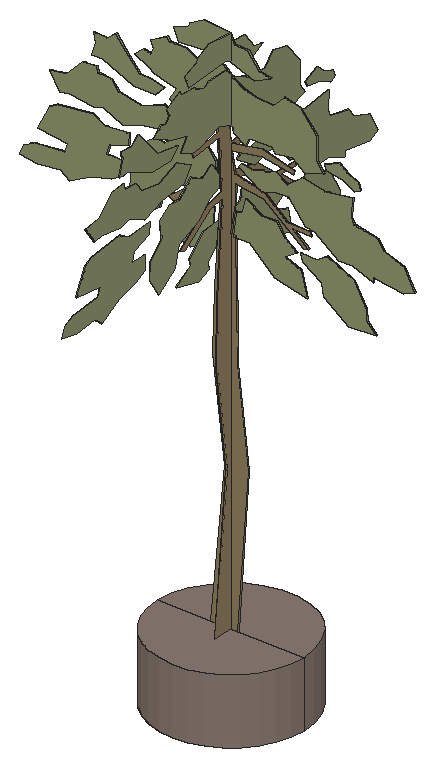
Revit family "L-PL상록교목_소나무", category 수목, Revit 2019
Family settings
  OmniClass 번호 = 23.40.05.00
  OmniClass 제목 = Plants and Planting Products
  작업 기준면 기반 = 아니오
  항상 수직 = 예
  로드될 때 보이드를 사용하여 절단 = 아니오
  렌더 모양 소스 = 패밀리 형상
  공유 = 아니오
Parameters (values of type "소나무")
  한국산업규격KS = ""
  콘 높이 = 뿌리분 직경 / 4  # 272.5 mm
  조달청표준공사코드-세부공종 = "10161599202809"
  뿌리분 직경 = (24 mm + ((R / 10) - 3 mm) * 5) * 10  # 1090 mm
  뿌리분 높이 = 뿌리분 직경 / 2  # 545 mm
  높이 = 5000 mm
  건설정보분류체계-부위분류 = "E985"
  R = 200 mm
  LIM_INFO_주의사항 = "재배포, 재가공, 판매 금지"
  LIM_INFO_제작일 = "20211210"
  LIM_INFO_버전 = "2022_V01"
  LIM_INFO_PL_학명 = "Quercus myrsinaefolia Bl."
  LIM_INFO_PL_품명 = "가시나무"
  LIM_INFO_PL_주당인정수량 = 0
  LIM_INFO_PL_수목단위 = "주"
  LIM_INFO_PL_규격 = "5.0H X 18R"
  LIM_INFO_PL_구분 = "상록교목"
  LIM_INFO_PL_가격 = 0
  LIM_INFO_PL_Qty [instance] = 0
  LIM_INFO_PL_M2당수량 = 0
  KBIMS_식별-버전 = ""
  KBIMS_식별-bSK등록번호 = ""
  KBIMS_보급정보-저작자 = "림인포테크_MMJ"
  KBIMS_보급정보-보급코드 = ""
  H = 높이  # 5000 mm
Reference planes
  plane 1 "중심(앞/뒤)": y = 0
  plane 2: z = 0
  plane 3 "중심(왼쪽/오른쪽)": x = 0
  plane 4: x = 482.5
  plane 5: x = -607.5
  plane 6: z = -545
  plane 7: z = -817.5
  plane 8: z = 5000
  plane 9: x = -100
  plane 10: x = 100
Forms (mm)
  Revolve 1, solid, material "흙"
    sketch origin (0, 0, 0) x (1, 0, 0) y (0, 0, 1)
      loop
        line (0, 0) -> (-607.5, 0) -> (-607.5, -545) -> (0, -545) -> (0, 0)
      axis (0, 0) -> (0, -545)
    angle from 0 to 360
  Revolve 2, solid, material "흙"
    sketch origin (0, 0, 0) x (1, 0, 0) y (0, 0, 1)
      loop
        line (0, -545) -> (-607.5, -545) -> (0, -817.5) -> (0, -545)
      axis (0, -545) -> (0, -817.5)
    angle from 0 to 360
Dimensions and locks
  "뿌리분 직경": plane 4 to plane 5
  "뿌리분 높이": plane 6 to level
  "콘 높이": plane 7 to plane 6
  "H": level to plane 8
  "R": plane 9 to plane 10
  aligned and locked: level to plane 2
Automatic sketch dimensions
  Revolve 1 sketch curve to level = 0 mm  (x2)
  Revolve 1 sketch curve to plane 5 = 0 mm
  Revolve 1 sketch curve to plane 3 "중심(왼쪽/오른쪽)" = 0 mm  (x2)
  Revolve 1 sketch curve to plane 6 = 0 mm  (x2)
  Revolve 2 sketch curve to plane 5 = 0 mm
  Revolve 2 sketch curve to plane 3 "중심(왼쪽/오른쪽)" = 0 mm  (x2)
  Revolve 2 sketch curve to plane 7 = 0 mm  (x2)
  Revolve 2 sketch curve to plane 6 = 0 mm  (x2)
Nested families
  nested 1: "소나무형_base" at (0, 0, 0), type "소나무형_base"
Definition of nested family "소나무형_base"
  Parameters (values of type "소나무형_base")
    Height = 6000 mm
  Reference planes
    plane 1 "중심(앞/뒤)": y = 0
    plane 2: z = 0
    plane 3 "중심(왼쪽/오른쪽)": x = 0
  Forms (mm)
    Revolve 1, solid, detail levels coarse
      sketch origin (0, 0, 0) x (1, 0, 0) y (0, 0, 1)
        loop
          line (0, 4515) -> (-301.139, 4357.154) -> (-565.424, 4135.393) -> (-926.6, 3967.681) -> (-1235.038, 3600.99) -> (-1317.291, 3271.089) -> (-1535.25, 2959.812) -> (-1395.975, 2694.101) -> (-75, 2694.101) -> (-75, 2255.09) -> (-75, 0) -> (0, 0) -> (0, 4515)
        axis (0, 4515) -> (0, 0)
      angle from 0 to 360
    Extrusion 2, solid, detail levels fine
      sketch origin (4447.34, 0, 32.292) x (1, 0, 0) y (0, 0, 1)
        loop
          line (-4964.722, 3003.145) -> (-4918.815, 2983.748) -> (-4663.893, 3176.581) -> (-4530.454, 3213.636) -> (-4580.472, 2460.593) -> (-4592.399, 1969.511) -> (-4492.334, 1174.401) -> (-4609.705, -32.292) -> (-4385.42, -32.292) -> (-4298.304, 1196.14) -> (-4390.719, 1960.379) -> (-4401.865, 2905.546) -> (-4442.535, 2913.764) -> (-4404.54, 3151.678) -> (-4403.814, 3293.072) -> (-4173.984, 3264.698) -> (-3838.645, 3007.734) -> (-3795.725, 3017.422) -> (-3927.947, 3123.306) -> (-3774.958, 3117.769) -> (-3783.265, 3150.296) -> (-3977.097, 3155.832) -> (-4164.783, 3312.447) -> (-4412.611, 3362.967) -> (-4439.03, 3526.057) -> (-4176.526, 3574.778) -> (-3927.313, 3528.272) -> (-3915.129, 3560.383) -> (-4185.387, 3626.82) -> (-4447.891, 3581.421) -> (-4468.798, 3736.487) -> (-4565.496, 3770.621) -> (-4568.378, 3716.573) -> (-4837.146, 3673.557) -> (-4829.202, 3641.129) -> (-4564.406, 3681.498) -> (-4539.316, 3259.933) -> (-4686.387, 3219.357) -> (-4964.722, 3003.145)
      from 0 to 5
    Extrusion 3, solid, detail levels fine
      sketch origin (4447.34, 0, 0) x (1, 0, 0) y (0, 0, 1)
        loop
          line (-4783.948, 4387.843) -> (-4795.393, 4357.68) -> (-4921.282, 4309.835) -> (-4876.545, 4215.187) -> (-4509.919, 4242.868) -> (-4242.935, 4148.621) -> (-4111.843, 4209.986) -> (-4202.359, 4225.588) -> (-4303.279, 4352.479) -> (-4414.603, 4356.64) -> (-4450.139, 4429.136) -> (-4668.925, 4449.257) -> (-4783.948, 4387.843)
        loop
          line (-3730.74, 3918.2) -> (-3867.248, 4078.763) -> (-4000.533, 4109.065) -> (-4086.855, 4014.792) -> (-4246.441, 4024.22) -> (-4338.922, 4057.466) -> (-4419.47, 4097.057) -> (-4500.16, 4174.173) -> (-4665.3, 4167.469) -> (-4724.193, 4138.032) -> (-4819.224, 4186.871) -> (-4951.732, 4191.555) -> (-4973.817, 4219.654) -> (-5106.325, 4146.061) -> (-5082.233, 4093.876) -> (-5109.002, 4047.713) -> (-5165.426, 4058.808) -> (-5242.618, 3997.074) -> (-5119.111, 3935.339) -> (-5088.235, 3909.169) -> (-4965.399, 3882.328) -> (-4891.69, 3860.232) -> (-4953.349, 3763.784) -> (-4851.794, 3713.747) -> (-4766.197, 3717.373) -> (-4575.419, 3792.066) -> (-4417.688, 3736.906) -> (-4417.688, 3699.197) -> (-4319.034, 3633.932) -> (-4292.195, 3696.297) -> (-4107.945, 3702.823) -> (-4070.95, 3665.114) -> (-3935.301, 3683.244) -> (-3831.57, 3605.65) -> (-3673.434, 3655.687) -> (-3732.191, 3730.38) -> (-3730.74, 3918.2)
        loop
          line (-3542.607, 3781.009) -> (-3667.737, 3727.245) -> (-3647.427, 3684.202) -> (-3516.632, 3667.959) -> (-3413.459, 3614.357) -> (-3370.403, 3638.722) -> (-3386.65, 3689.887) -> (-3474.477, 3723.376) -> (-3542.607, 3781.009)
        loop
          line (-5399.536, 4093.843) -> (-5468.257, 4036.593) -> (-5580.427, 4042.975) -> (-5568.704, 3964.066) -> (-5597.62, 3862.501) -> (-5505.401, 3866.407) -> (-5250.629, 3753.122) -> (-5066.974, 3756.247) -> (-4994.293, 3830.468) -> (-5109.957, 3854.688) -> (-5200.612, 3862.501) -> (-5291.357, 3963.991) -> (-5399.536, 4093.843)
        loop
          line (-5549.499, 3751.347) -> (-5556.195, 3796.864) -> (-5675.379, 3783.477) -> (-5803.937, 3653.619) -> (-5951.243, 3626.844) -> (-5861.52, 3498.325) -> (-5783.85, 3511.713) -> (-5582.978, 3483.599) -> (-5498.611, 3507.697) -> (-5340.592, 3436.743) -> (-5158.468, 3492.97) -> (-4929.474, 3523.761) -> (-4860.88, 3633.716) -> (-4996.431, 3707.169) -> (-5182.573, 3629.522) -> (-5372.732, 3665.668) -> (-5435.672, 3743.315) -> (-5549.499, 3751.347)
        loop
          line (-4264.436, 3478.703) -> (-4354.151, 3487.935) -> (-4376.58, 3460.238) -> (-4191.873, 3338.895) -> (-4063.897, 3378.464) -> (-3962.308, 3386.377) -> (-3822.458, 3212.278) -> (-3751.214, 3199.088) -> (-3546.717, 3056.643) -> (-3435.893, 3057.962) -> (-3261.74, 2988.058) -> (-3259.101, 3031.583) -> (-3007.108, 2995.972) -> (-2917.393, 3038.178) -> (-3005.789, 3195.131) -> (-3172.025, 3253.165) -> (-3224.799, 3327.025) -> (-3422.699, 3366.593) -> (-3443.809, 3416.713) -> (-3432.001, 3562.815) -> (-3657.541, 3526.184) -> (-3848.845, 3563.115) -> (-3974.182, 3470.789) -> (-4075.771, 3530.141) -> (-4264.436, 3478.703)
        loop
          line (-4320.407, 3240.303) -> (-4345.206, 3141.138) -> (-4396.788, 3115.355) -> (-4420.595, 2923.965) -> (-4290.648, 2922.973) -> (-4084.321, 2735.55) -> (-3809.549, 2679.026) -> (-3857.163, 2873.39) -> (-3997.029, 2922.973) -> (-3895.85, 2990.406) -> (-3992.824, 3059.318) -> (-4062.728, 3164.144) -> (-4185.501, 3161.962) -> (-4320.407, 3240.303)
        loop
          line (-3848.117, 2943.106) -> (-3692.255, 2835.7) -> (-3674.097, 2743.422) -> (-3466.786, 2589.12) -> (-3235.264, 2608.786) -> (-3315.464, 2687.449) -> (-3320.004, 2772.164) -> (-3418.363, 2949.157) -> (-3642.919, 3051.879) -> (-3734.625, 2991.514) -> (-3867.789, 3000.59) -> (-3848.117, 2943.106)
        loop
          line (-4853.494, 3535.446) -> (-4990.308, 3424.354) -> (-5075.847, 3428.492) -> (-5180.702, 3355.392) -> (-5165.526, 3205.054) -> (-5278.658, 3090.577) -> (-5282.797, 2955.411) -> (-5191.739, 2811.97) -> (-5031.698, 2931.964) -> (-4990.308, 3094.715) -> (-4777.84, 3182.986) -> (-4666.088, 3297.464) -> (-4565.372, 3334.703) -> (-4569.511, 3439.526) -> (-4646.772, 3537.452) -> (-4739.21, 3475.386) -> (-4853.494, 3535.446)
        loop
          line (-4579.106, 3093.681) -> (-4728.571, 3075.58) -> (-4876.057, 2935.125) -> (-4856.668, 2878.59) -> (-5005.319, 2784.904) -> (-4775.879, 2726.754) -> (-4670.854, 2767.136) -> (-4680.549, 2831.747) -> (-4598.145, 2906.05) -> (-4579.106, 3093.681)
        loop
          line (-5291.884, 3300.767) -> (-5284.819, 3393.994) -> (-5493.936, 3372.806) -> (-5595.714, 3430.361) -> (-5885.325, 3393.994) -> (-5951.734, 3355.856) -> (-6044.989, 3166.577) -> (-5796.309, 3135.502) -> (-5821.742, 3067.7) -> (-6076.074, 3040.862) -> (-6163.677, 2997.074) -> (-6194.763, 2920.797) -> (-6046.402, 2896.784) -> (-5859.892, 2919.385) -> (-5785.005, 2858.646) -> (-5604.147, 2953.286) -> (-5437.418, 2998.486) -> (-5341.337, 3053.575) -> (-5334.272, 3167.99) -> (-5471.329, 3173.64) -> (-5450.135, 3247.091) -> (-5291.884, 3300.767)
      from 0 to 5
    Extrusion 4, solid, detail levels fine
      sketch origin (-5, 4442.34, 32.292) x (0, 1, 0) y (0, 0, 1)
        loop
          line (-4964.722, 3003.145) -> (-4918.815, 2983.748) -> (-4663.893, 3176.581) -> (-4530.454, 3213.636) -> (-4580.472, 2460.593) -> (-4592.399, 1969.511) -> (-4492.334, 1174.401) -> (-4609.705, -32.292) -> (-4385.42, -32.292) -> (-4298.304, 1196.14) -> (-4390.719, 1960.379) -> (-4401.865, 2905.546) -> (-4442.535, 2913.764) -> (-4404.54, 3151.678) -> (-4403.814, 3293.072) -> (-4173.984, 3264.698) -> (-3838.645, 3007.734) -> (-3795.725, 3017.422) -> (-3927.947, 3123.306) -> (-3774.958, 3117.769) -> (-3783.265, 3150.296) -> (-3977.097, 3155.832) -> (-4164.783, 3312.447) -> (-4412.611, 3362.967) -> (-4439.03, 3526.057) -> (-4176.526, 3574.778) -> (-3927.313, 3528.272) -> (-3915.129, 3560.383) -> (-4185.387, 3626.82) -> (-4447.891, 3581.421) -> (-4468.798, 3736.487) -> (-4565.496, 3770.621) -> (-4568.378, 3716.573) -> (-4837.146, 3673.557) -> (-4829.202, 3641.129) -> (-4564.406, 3681.498) -> (-4539.316, 3259.933) -> (-4686.387, 3219.357) -> (-4964.722, 3003.145)
      from 0 to 5
    Extrusion 5, solid, detail levels fine
      sketch origin (-5, 4442.34, 0) x (0, 1, 0) y (0, 0, 1)
        loop
          line (-4783.948, 4387.843) -> (-4795.393, 4357.68) -> (-4921.282, 4309.835) -> (-4876.545, 4215.187) -> (-4509.919, 4242.868) -> (-4242.935, 4148.621) -> (-4111.843, 4209.986) -> (-4202.359, 4225.588) -> (-4303.279, 4352.479) -> (-4414.603, 4356.64) -> (-4450.139, 4429.136) -> (-4668.925, 4449.257) -> (-4783.948, 4387.843)
        loop
          line (-3730.74, 3918.2) -> (-3867.248, 4078.763) -> (-4000.533, 4109.065) -> (-4086.855, 4014.792) -> (-4246.441, 4024.22) -> (-4338.922, 4057.466) -> (-4419.47, 4097.057) -> (-4500.16, 4174.173) -> (-4665.3, 4167.469) -> (-4724.193, 4138.032) -> (-4819.224, 4186.871) -> (-4951.732, 4191.555) -> (-4973.817, 4219.654) -> (-5106.325, 4146.061) -> (-5082.233, 4093.876) -> (-5109.002, 4047.713) -> (-5165.426, 4058.808) -> (-5242.618, 3997.074) -> (-5119.111, 3935.339) -> (-5088.235, 3909.169) -> (-4965.399, 3882.328) -> (-4891.69, 3860.232) -> (-4953.349, 3763.784) -> (-4851.794, 3713.747) -> (-4766.197, 3717.373) -> (-4575.419, 3792.066) -> (-4417.688, 3736.906) -> (-4417.688, 3699.197) -> (-4319.034, 3633.932) -> (-4292.195, 3696.297) -> (-4107.945, 3702.823) -> (-4070.95, 3665.114) -> (-3935.301, 3683.244) -> (-3831.57, 3605.65) -> (-3673.434, 3655.687) -> (-3732.191, 3730.38) -> (-3730.74, 3918.2)
        loop
          line (-3542.607, 3781.009) -> (-3667.737, 3727.245) -> (-3647.427, 3684.202) -> (-3516.632, 3667.959) -> (-3413.459, 3614.357) -> (-3370.403, 3638.722) -> (-3386.65, 3689.887) -> (-3474.477, 3723.376) -> (-3542.607, 3781.009)
        loop
          line (-5399.536, 4093.843) -> (-5468.257, 4036.593) -> (-5580.427, 4042.975) -> (-5568.704, 3964.066) -> (-5597.62, 3862.501) -> (-5505.401, 3866.407) -> (-5250.629, 3753.122) -> (-5066.974, 3756.247) -> (-4994.293, 3830.468) -> (-5109.957, 3854.688) -> (-5200.612, 3862.501) -> (-5291.357, 3963.991) -> (-5399.536, 4093.843)
        loop
          line (-5549.499, 3751.347) -> (-5556.195, 3796.864) -> (-5675.379, 3783.477) -> (-5803.937, 3653.619) -> (-5951.243, 3626.844) -> (-5861.52, 3498.325) -> (-5783.85, 3511.713) -> (-5582.978, 3483.599) -> (-5498.611, 3507.697) -> (-5340.592, 3436.743) -> (-5158.468, 3492.97) -> (-4929.474, 3523.761) -> (-4860.88, 3633.716) -> (-4996.431, 3707.169) -> (-5182.573, 3629.522) -> (-5372.732, 3665.668) -> (-5435.672, 3743.315) -> (-5549.499, 3751.347)
        loop
          line (-4264.436, 3478.703) -> (-4354.151, 3487.935) -> (-4376.58, 3460.238) -> (-4191.873, 3338.895) -> (-4063.897, 3378.464) -> (-3962.308, 3386.377) -> (-3822.458, 3212.278) -> (-3751.214, 3199.088) -> (-3546.717, 3056.643) -> (-3435.893, 3057.962) -> (-3261.74, 2988.058) -> (-3259.101, 3031.583) -> (-3007.108, 2995.972) -> (-2917.393, 3038.178) -> (-3005.789, 3195.131) -> (-3172.025, 3253.165) -> (-3224.799, 3327.025) -> (-3422.699, 3366.593) -> (-3443.809, 3416.713) -> (-3432.001, 3562.815) -> (-3657.541, 3526.184) -> (-3848.845, 3563.115) -> (-3974.182, 3470.789) -> (-4075.771, 3530.141) -> (-4264.436, 3478.703)
        loop
          line (-4320.407, 3240.303) -> (-4345.206, 3141.138) -> (-4396.788, 3115.355) -> (-4420.595, 2923.965) -> (-4290.648, 2922.973) -> (-4084.321, 2735.55) -> (-3809.549, 2679.026) -> (-3857.163, 2873.39) -> (-3997.029, 2922.973) -> (-3895.85, 2990.406) -> (-3992.824, 3059.318) -> (-4062.728, 3164.144) -> (-4185.501, 3161.962) -> (-4320.407, 3240.303)
        loop
          line (-3848.117, 2943.106) -> (-3692.255, 2835.7) -> (-3674.097, 2743.422) -> (-3466.786, 2589.12) -> (-3235.264, 2608.786) -> (-3315.464, 2687.449) -> (-3320.004, 2772.164) -> (-3418.363, 2949.157) -> (-3642.919, 3051.879) -> (-3734.625, 2991.514) -> (-3867.789, 3000.59) -> (-3848.117, 2943.106)
        loop
          line (-4853.494, 3535.446) -> (-4990.308, 3424.354) -> (-5075.847, 3428.492) -> (-5180.702, 3355.392) -> (-5165.526, 3205.054) -> (-5278.658, 3090.577) -> (-5282.797, 2955.411) -> (-5191.739, 2811.97) -> (-5031.698, 2931.964) -> (-4990.308, 3094.715) -> (-4777.84, 3182.986) -> (-4666.088, 3297.464) -> (-4565.372, 3334.703) -> (-4569.511, 3439.526) -> (-4646.772, 3537.452) -> (-4739.21, 3475.386) -> (-4853.494, 3535.446)
        loop
          line (-4579.106, 3093.681) -> (-4728.571, 3075.58) -> (-4876.057, 2935.125) -> (-4856.668, 2878.59) -> (-5005.319, 2784.904) -> (-4775.879, 2726.754) -> (-4670.854, 2767.136) -> (-4680.549, 2831.747) -> (-4598.145, 2906.05) -> (-4579.106, 3093.681)
        loop
          line (-5291.884, 3300.767) -> (-5284.819, 3393.994) -> (-5493.936, 3372.806) -> (-5595.714, 3430.361) -> (-5885.325, 3393.994) -> (-5951.734, 3355.856) -> (-6044.989, 3166.577) -> (-5796.309, 3135.502) -> (-5821.742, 3067.7) -> (-6076.074, 3040.862) -> (-6163.677, 2997.074) -> (-6194.763, 2920.797) -> (-6046.402, 2896.784) -> (-5859.892, 2919.385) -> (-5785.005, 2858.646) -> (-5604.147, 2953.286) -> (-5437.418, 2998.486) -> (-5341.337, 3053.575) -> (-5334.272, 3167.99) -> (-5471.329, 3173.64) -> (-5450.135, 3247.091) -> (-5291.884, 3300.767)
      from 0 to 5
  Lines and regions (mm)
    symbolic lines
      curve 1: arc (657.683, -1388.909, 0) -> (394.022, -1344.077, 0) -> (196.297, -1524.166, 0) r 305.167
      curve 2: arc (284.303, 1510.227, 0) -> (471.258, 1318.981, 0) -> (737.074, 1348.457, 0) r 305.167
      curve 3: arc (-737.074, -1348.457, 0) -> (-855.78, -1108.799, 0) -> (-1117.695, -1054.69, 0) r 305.167
      curve 4: arc (-1117.695, -1054.69, 0) -> (-1156.533, -790.08, 0) -> (-1388.909, -657.683, 0) r 305.167
      curve 5: arc (196.297, -1524.166, 0) -> (-40.605, -1400.052, 0) -> (-284.303, -1510.227, 0) r 305.167
      curve 6: arc (-284.303, -1510.227, 0) -> (-471.258, -1318.981, 0) -> (-737.074, -1348.457, 0) r 305.167
      curve 7: arc (-1524.166, -196.297, 0) -> (-1400.052, 40.605, 0) -> (-1510.227, 284.303, 0) r 305.167
      curve 8: arc (-1510.227, 284.303, 0) -> (-1318.981, 471.258, 0) -> (-1348.457, 737.074, 0) r 305.167
      curve 9: arc (-1348.457, 737.074, 0) -> (-1108.799, 855.78, 0) -> (-1054.69, 1117.695, 0) r 305.167
      curve 10: arc (-1054.69, 1117.695, 0) -> (-790.08, 1156.533, 0) -> (-657.683, 1388.909, 0) r 305.167
      curve 11: arc (-657.683, 1388.909, 0) -> (-394.022, 1344.077, 0) -> (-196.297, 1524.166, 0) r 305.167
      curve 12: arc (-196.297, 1524.166, 0) -> (40.605, 1400.052, 0) -> (284.303, 1510.227, 0) r 305.167
      curve 13: arc (-1388.909, -657.683, 0) -> (-1344.077, -394.022, 0) -> (-1524.166, -196.297, 0) r 305.167
      curve 14: line (1054.69, -1117.695, 0) -> (0, 0, 0)
      curve 15: line (0, 0, 0) -> (657.683, -1388.909, 0)
      curve 16: line (1510.227, -284.303, 0) -> (0, 0, 0)
      curve 17: line (0, 0, 0) -> (1524.166, 196.297, 0)
      curve 18: line (1388.909, 657.683, 0) -> (0, 0, 0)
      curve 19: line (0, 0, 0) -> (1348.457, -737.074, 0)
      curve 20: line (737.074, 1348.457, 0) -> (0, 0, 0)
      curve 21: line (0, 0, 0) -> (1117.695, 1054.69, 0)
      curve 22: line (-737.074, -1348.457, 0) -> (0, 0, 0)
      curve 23: line (0, 0, 0) -> (-1117.695, -1054.69, 0)
      curve 24: line (196.297, -1524.166, 0) -> (0, 0, 0)
      curve 25: line (0, 0, 0) -> (-284.303, -1510.227, 0)
      curve 26: line (-1388.909, -657.683, 0) -> (0, 0, 0)
      curve 27: line (0, 0, 0) -> (-1524.166, -196.297, 0)
      curve 28: line (-1054.69, 1117.695, 0) -> (0, 0, 0)
      curve 29: line (0, 0, 0) -> (-1510.227, 284.303, 0)
      curve 30: line (-196.297, 1524.166, 0) -> (0, 0, 0)
      curve 31: line (0, 0, 0) -> (-1348.457, 737.074, 0)
      curve 32: line (284.303, 1510.227, 0) -> (0, 0, 0)
      curve 33: line (0, 0, 0) -> (-657.683, 1388.909, 0)
      curve 34: arc (1348.457, -737.074, 0) -> (1108.799, -855.78, 0) -> (1054.69, -1117.695, 0) r 305.167
      curve 35: arc (1054.69, -1117.695, 0) -> (790.08, -1156.533, 0) -> (657.683, -1388.909, 0) r 305.167
      curve 36: arc (737.074, 1348.457, 0) -> (855.78, 1108.799, 0) -> (1117.695, 1054.69, 0) r 305.167
      curve 37: arc (1117.695, 1054.69, 0) -> (1156.533, 790.08, 0) -> (1388.909, 657.683, 0) r 305.167
      curve 38: arc (1388.909, 657.683, 0) -> (1344.077, 394.022, 0) -> (1524.166, 196.297, 0) r 305.167
      curve 39: arc (1524.166, 196.297, 0) -> (1400.052, -40.605, 0) -> (1510.227, -284.303, 0) r 305.167
      curve 40: arc (1510.227, -284.303, 0) -> (1318.981, -471.258, 0) -> (1348.457, -737.074, 0) r 305.167
  Dimensions and locks
    aligned and locked: level to plane 2
